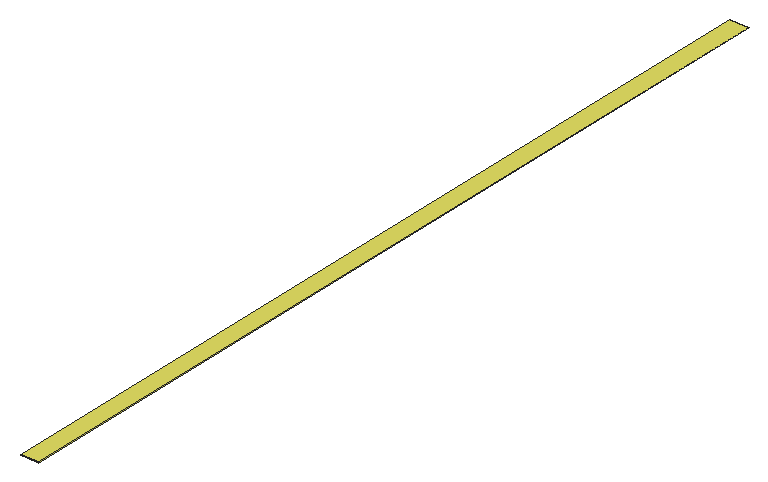
Revit family "M_Parking Space", category Parking, Revit 2018
Family settings
  Work Plane-Based = No
  Always vertical = No
  Cut with Voids When Loaded = No
  Shared = No
Parameters (values of type "4800 x 2400mm - 90 deg")
  Angle = 90.00°
  Parking Length = 4800 mm
  Parking Width = 2400 mm
  pl = 4800 mm
  pw = 2400 mm
Types (4, lengths in mm): name | Angle | pl | pw
  4800 x 2400mm - 90 deg | 90.00° | 4800 | 2400
  4800 x 2400mm - 60 deg | 60.00° | 4157 | 2771
  4800 x 2400mm - 80 deg | 80.00° | 4727 | 2437
  4800 x 2400mm - 70 deg | 70.00° | 4510 | 2554
Reference planes
  plane 1 "Center (Front/Back)": y = 0
  plane 2: z = 0
  plane 3 "Center (Left/Right)": x = 0
  plane 4: y = -304.8
Forms (mm)
  Sweep 1, solid, material "Parking Stripe"
    path in 3D
      loop
        line (0, 0, 0) -> (0, -4800, 0)
    profile origin (0, -2400, 0) x (1, 0, 0) y (0, 0, 1)
      loop
        line (-50.8, 0) -> (50.8, 0) -> (50.8, 3.175) -> (-50.8, 3.175) -> (-50.8, 0)
Lines and regions (mm)
  model lines, style "Reference Line"
    curve 1: line (2400, 0, 0) -> (2400, -4800, 0)
  model lines, style "Parking Layout"
    curve 2: line (2400, 0, 0) -> (0, 0, 0)
    curve 3: line (0, 0, 0) -> (0, -4800, 0)
  sketch lines
    curve 4: line (0, 0, 0) -> (0, -4800, 0)
Dimensions and locks
  "pw": curve 3 to curve 2
  "pl": curve 2 to curve 1
  "Angle": angle curve 3 to plane 4
  "Angle": angle curve 1 to plane 4
  aligned and locked: plane 1 "Center (Front/Back)" to curve 1
  aligned and locked: plane 3 "Center (Left/Right)" to curve 2
  aligned and locked: plane 1 "Center (Front/Back)" to curve 3
Automatic sketch dimensions
  curve 3 to curve 1 = 0 mm
  profile plane to Sweep 1 sketch curve = 50.8 mm
  Sweep 1 sketch curve to profile plane = 50.8 mm
  Sweep 1 sketch curve to Sweep 1 sketch curve = 3.175 mm
